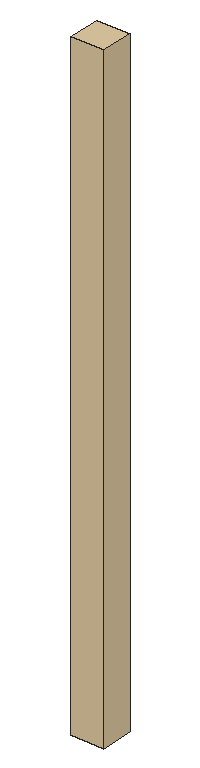
Revit family
Parameters (values of type "133 x 133")
  b = 133 mm
  d = 133 mm
  Keynote = "G20"
  Column Material [instance] = Wood - Dimensional Lumber
Types (3, lengths in mm): name | b | d
  (no name) | 133 | 133
  89 x 89 | 89 | 89
  133 x 133 | 133 | 133
Reference planes
  plane 1 "Center (Front/Back)": y = 0
  plane 2: z = 0
  plane 3 "Center (Left/Right)": x = 0
  plane 4: x = -66.5
  plane 5: x = 66.5
  plane 6: y = 66.5
  plane 7: y = -66.5
Forms (mm)
  Extrusion 1, solid, material "Wood - Dimensional Lumber" <- "Column Material", detail levels medium+fine
    sketch origin (0, 0, 0) x (1, 0, 0) y (0, 1, 0)
      loop
        line (-66.5, 66.5) -> (-66.5, -66.5) -> (66.5, -66.5) -> (66.5, 66.5) -> (-66.5, 66.5)
    from 0 to 2500
Lines and regions (mm)
  symbolic lines, style "StructuralColumnStickSymbols", detail levels coarse
    curve 1: line (-66.5, 66.5, 0) -> (66.5, 66.5, 0)
    curve 2: line (-66.5, -66.5, 0) -> (66.5, -66.5, 0)
    curve 3: line (-66.5, 66.5, 0) -> (-66.5, -66.5, 0)
    curve 4: line (66.5, 66.5, 0) -> (66.5, -66.5, 0)
Dimensions and locks
  equal spacing: plane 4, plane 3 "Center (Left/Right)", plane 5
  equal spacing: plane 7, plane 1 "Center (Front/Back)", plane 6
  "d": plane 7 to plane 6
  "b": plane 4 to plane 5
  aligned and locked: plane 6 to Extrusion 1 sketch curve
  aligned and locked: Extrusion 1 sketch curve to plane 7
  aligned and locked: Extrusion 1 sketch curve to plane 4
  aligned and locked: plane 5 to Extrusion 1 sketch curve
  aligned and locked: level to Extrusion 1
  aligned and locked: level to plane 2
  aligned and locked: Extrusion 1 to plane 2
Automatic sketch dimensions
  curve 3 to plane 4 = 0 mm
  curve 4 to plane 5 = 0 mm
  curve 3 to plane 7 = 0 mm
  curve 3 to plane 6 = 0 mm
